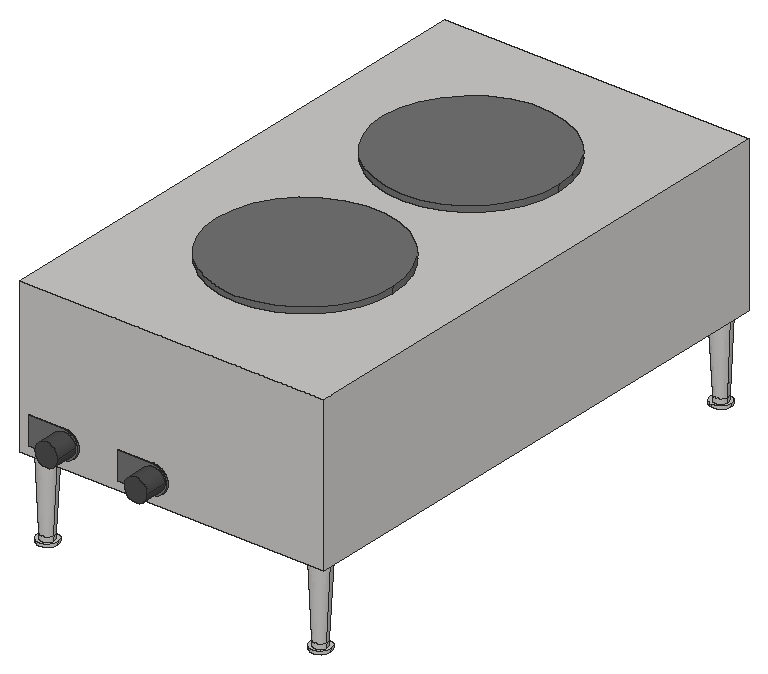
Revit family "QF_Vollrath_40739", category Specialty Equipment, Revit 2016
Family settings
  Part Type = Normal
  Round Connector Dimension = Use Diameter
  OmniClass Number = 23.40.40.11.21
  OmniClass Title = Hot Cabinets
  Work Plane-Based = No
  Always vertical = Yes
  Cut with Voids When Loaded = No
  Shared = No
  Room Calculation Point = No
Parameters (values of type "--")
  Weight in Pounds = 35.9
  Watts = 1450 W
  Watermarked By = "http://revitwatermark.com"
  Volts = 120 V
  URL Cutsheet = ""
  URL = "www.vollrathco.com"
  Status [instance] = ""
  Specification by User [instance] = ""
  Specification by Manufacturer = ""
  Serial Number [instance] = ""
  Seismic Rating [instance] = ""
  SMACNA No [instance] = ""
  Revision Code [instance] = ""
  Phase = 1
  Number of Poles [instance] = 1
  NAFEM Spec ID Number [instance] = ""
  Model = "40739"
  Masterspec = ""
  Manufacturer = "Vollrath"
  Item Number [instance] = ""
  Installed By [instance] = ""
  Height AFF [instance] = 12.31"
  Furnished By [instance] = ""
  Foodservice Equipment Identifier [instance] = yes
  FL Amps = 12 A
  Electrical Remarks [instance] = ""
  Electric Connection Type [instance] = ""
  Elec Conn RI Height [instance] = 0.00"
  Elec Conn Connection Height = 2.00"
  Description = "Electric Hot Plate"
  Cycle = 60 Hz
  Conn Plug = "NEMA 5-20P"
  CSI MasterFormat = "11 42 13"
  Assembly Code = "E1090320"
  Apparent Power = if(Phase = 3, Volts * FL Amps * 1.73, Volts * FL Amps)  # 1440 VA
Reference planes (in)
  plane 1: z = 0
  plane 2 "LEFT": x = 48
  plane 3 "BACK": y = -48
  plane 4 "BOTTOM": z = 12.31
  plane 5 "RIGHT": x = 63
  plane 6 "FRONT": y = -74.25
  plane 7: z = 26.5796
  plane 8 "TOP": z = 25.31
  plane 9: x = 56.69695
  plane 10: x = 48.75
  plane 11: y = -48.75
  plane 12: x = 62.25
  plane 13: y = -73.5
  plane 14: z = 12.435
  plane 15: z = 12.685
  plane 16: z = 16.31
  plane 17: z = 24.185
  plane 18: y = -55.47876
  plane 19: y = -63.72489
  plane 20: x = 55.5
  plane 21: z = 23.61688
  plane 22: z = 23.91529
Forms (in)
  Extrusion 1, solid, material "QF_Finishes_Stainless Steel", not visible
    sketch origin (0, -75.61667, 13.94238) x (-1, 0, 0) y (0, 0.422618, 0.906308)
      loop
        line (-61.50401, 16.83949) -> (-49.55058, 16.83949) -> (-49.55058, 21.54291) -> (-61.50401, 21.54291) -> (-61.50401, 16.83949)
      loop
        circle (-51.11798, 19.07879) r 1.25
      loop
        circle (-51.11798, 19.07879) r 1
      loop
        line (-54.03077, 21.06689) -> (-57.03077, 21.06689) -> (-57.03077, 20.31689) -> (-54.03077, 20.31689) -> (-54.03077, 21.06689)
      loop
        circle (-54.03077, 17.5068) r 0.25
      loop
        circle (-56.78077, 17.5068) r 0.25
    from 0 to 0.68909
  Extrusion 2, solid, material "QF_Finishes_Black", not visible
    sketch origin (0, -75.54289, 2.05167) x (-1, 0, 0) y (0, 0.422618, 0.906308)
      loop
        circle (-51.11798, 29.82425) r 1.25
      loop
        circle (-51.11798, 29.82425) r 1
    from -5.0921 to -4.40301
  Extrusion 3, solid, material "QF_Finishes_Black", not visible
    sketch origin (0, -75.78725, 14.03463) x (-1, 0, 0) y (0, 0.406737, 0.913545)
      loop
        line (-57.03077, 21.03676) -> (-57.03077, 20.35703) -> (-54.03077, 20.35703) -> (-54.03077, 21.03676) -> (-57.03077, 21.03676)
      loop
        circle (-54.03077, 17.5068) r 0.25
      loop
        circle (-56.78077, 17.5068) r 0.25
    from 0.54411 to 1.25
  Extrusion 4, solid, material "QF_Finishes_Dark Grey", not visible
    sketch origin (0, -70.09177, 5.66795) x (-1, 0, 0) y (0, 0.422618, 0.906308)
      loop
        circle (-52.11896, 26.29929) r 0.25
      loop
        circle (-53.36896, 26.29929) r 0.25
      loop
        circle (-54.61896, 26.29929) r 0.25
      loop
        circle (-55.86896, 26.29929) r 0.25
      loop
        circle (-57.11896, 26.29929) r 0.25
      loop
        circle (-58.36896, 26.29929) r 0.25
    from 7.45399 to 7.92109
  Extrusion 5, solid, material "QF_Finishes_Stainless Steel", not visible
    sketch origin (0, -61.5, 0) x (-1, 0, 0) y (0, 0, 1)
      loop
        circle (-49.14244, 32.63817) r 0.1236
    from 0 to 12
  Extrusion 6, solid, material "QF_Finishes_Stainless Steel", not visible
    sketch origin (24.25, -61.5, 0) x (-1, 0, 0) y (0, 0, 1)
      loop
        circle (-49.14244, 32.63817) r 0.1236
    from 0 to 12
  Extrusion 7, solid, material "QF_Finishes_Stainless Steel", not visible
    sketch origin (0.75781, -61.5, 0) x (-1, 0, 0) y (0, 0, 1)
      loop
        circle (-49.14244, 32.63817) r 0.1236
    from 0 to 12
  Extrusion 8, solid, material "QF_Finishes_Stainless Steel", not visible
    sketch origin (1.51562, -61.5, 0) x (-1, 0, 0) y (0, 0, 1)
      loop
        circle (-49.14244, 32.63817) r 0.1236
    from 0 to 12
  Extrusion 9, solid, material "QF_Finishes_Stainless Steel", not visible
    sketch origin (2.27344, -61.5, 0) x (-1, 0, 0) y (0, 0, 1)
      loop
        circle (-49.14244, 32.63817) r 0.1236
    from 0 to 12
  Extrusion 10, solid, material "QF_Finishes_Stainless Steel", not visible
    sketch origin (3.03125, -61.5, 0) x (-1, 0, 0) y (0, 0, 1)
      loop
        circle (-49.14244, 32.63817) r 0.1236
    from 0 to 12
  Extrusion 11, solid, material "QF_Finishes_Stainless Steel", not visible
    sketch origin (3.78906, -61.5, 0) x (-1, 0, 0) y (0, 0, 1)
      loop
        circle (-49.14244, 32.63817) r 0.1236
    from 0 to 12
  Extrusion 12, solid, material "QF_Finishes_Stainless Steel", not visible
    sketch origin (4.54687, -61.5, 0) x (-1, 0, 0) y (0, 0, 1)
      loop
        circle (-49.14244, 32.63817) r 0.1236
    from 0 to 12
  Extrusion 13, solid, material "QF_Finishes_Stainless Steel", not visible
    sketch origin (5.30469, -61.5, 0) x (-1, 0, 0) y (0, 0, 1)
      loop
        circle (-49.14244, 32.63817) r 0.1236
    from 0 to 12
  Extrusion 14, solid, material "QF_Finishes_Stainless Steel", not visible
    sketch origin (6.0625, -61.5, 0) x (-1, 0, 0) y (0, 0, 1)
      loop
        circle (-49.14244, 32.63817) r 0.1236
    from 0 to 12
  Extrusion 15, solid, material "QF_Finishes_Stainless Steel", not visible
    sketch origin (6.82031, -61.5, 0) x (-1, 0, 0) y (0, 0, 1)
      loop
        circle (-49.14244, 32.63817) r 0.1236
    from 0 to 12
  Extrusion 16, solid, material "QF_Finishes_Stainless Steel", not visible
    sketch origin (7.57812, -61.5, 0) x (-1, 0, 0) y (0, 0, 1)
      loop
        circle (-49.14244, 32.63817) r 0.1236
    from 0 to 12
  Extrusion 17, solid, material "QF_Finishes_Stainless Steel", not visible
    sketch origin (8.33594, -61.5, 0) x (-1, 0, 0) y (0, 0, 1)
      loop
        circle (-49.14244, 32.63817) r 0.1236
    from 0 to 12
  Extrusion 18, solid, material "QF_Finishes_Stainless Steel", not visible
    sketch origin (9.09375, -61.5, 0) x (-1, 0, 0) y (0, 0, 1)
      loop
        circle (-49.14244, 32.63817) r 0.1236
    from 0 to 12
  Extrusion 19, solid, material "QF_Finishes_Stainless Steel", not visible
    sketch origin (9.85156, -61.5, 0) x (-1, 0, 0) y (0, 0, 1)
      loop
        circle (-49.14244, 32.63817) r 0.1236
    from 0 to 12
  Extrusion 20, solid, material "QF_Finishes_Stainless Steel", not visible
    sketch origin (10.60937, -61.5, 0) x (-1, 0, 0) y (0, 0, 1)
      loop
        circle (-49.14244, 32.63817) r 0.1236
    from 0 to 12
  Extrusion 21, solid, material "QF_Finishes_Stainless Steel", not visible
    sketch origin (11.36719, -61.5, 0) x (-1, 0, 0) y (0, 0, 1)
      loop
        circle (-49.14244, 32.63817) r 0.1236
    from 0 to 12
  Extrusion 22, solid, material "QF_Finishes_Stainless Steel", not visible
    sketch origin (12.125, -61.5, 0) x (-1, 0, 0) y (0, 0, 1)
      loop
        circle (-49.14244, 32.63817) r 0.1236
    from 0 to 12
  Extrusion 23, solid, material "QF_Finishes_Stainless Steel", not visible
    sketch origin (12.88281, -61.5, 0) x (-1, 0, 0) y (0, 0, 1)
      loop
        circle (-49.14244, 32.63817) r 0.1236
    from 0 to 12
  Extrusion 24, solid, material "QF_Finishes_Stainless Steel", not visible
    sketch origin (13.64062, -61.5, 0) x (-1, 0, 0) y (0, 0, 1)
      loop
        circle (-49.14244, 32.63817) r 0.1236
    from 0 to 12
  Extrusion 25, solid, material "QF_Finishes_Stainless Steel", not visible
    sketch origin (14.39844, -61.5, 0) x (-1, 0, 0) y (0, 0, 1)
      loop
        circle (-49.14244, 32.63817) r 0.1236
    from 0 to 12
  Extrusion 26, solid, material "QF_Finishes_Stainless Steel", not visible
    sketch origin (15.15625, -61.5, 0) x (-1, 0, 0) y (0, 0, 1)
      loop
        circle (-49.14244, 32.63817) r 0.1236
    from 0 to 12
  Extrusion 27, solid, material "QF_Finishes_Stainless Steel", not visible
    sketch origin (15.91406, -61.5, 0) x (-1, 0, 0) y (0, 0, 1)
      loop
        circle (-49.14244, 32.63817) r 0.1236
    from 0 to 12
  Extrusion 28, solid, material "QF_Finishes_Stainless Steel", not visible
    sketch origin (16.67187, -61.5, 0) x (-1, 0, 0) y (0, 0, 1)
      loop
        circle (-49.14244, 32.63817) r 0.1236
    from 0 to 12
  Extrusion 29, solid, material "QF_Finishes_Stainless Steel", not visible
    sketch origin (17.42969, -61.5, 0) x (-1, 0, 0) y (0, 0, 1)
      loop
        circle (-49.14244, 32.63817) r 0.1236
    from 0 to 12
  Extrusion 30, solid, material "QF_Finishes_Stainless Steel", not visible
    sketch origin (18.1875, -61.5, 0) x (-1, 0, 0) y (0, 0, 1)
      loop
        circle (-49.14244, 32.63817) r 0.1236
    from 0 to 12
  Extrusion 31, solid, material "QF_Finishes_Stainless Steel", not visible
    sketch origin (18.94531, -61.5, 0) x (-1, 0, 0) y (0, 0, 1)
      loop
        circle (-49.14244, 32.63817) r 0.1236
    from 0 to 12
  Extrusion 32, solid, material "QF_Finishes_Stainless Steel", not visible
    sketch origin (19.70312, -61.5, 0) x (-1, 0, 0) y (0, 0, 1)
      loop
        circle (-49.14244, 32.63817) r 0.1236
    from 0 to 12
  Extrusion 33, solid, material "QF_Finishes_Stainless Steel", not visible
    sketch origin (20.46094, -61.5, 0) x (-1, 0, 0) y (0, 0, 1)
      loop
        circle (-49.14244, 32.63817) r 0.1236
    from 0 to 12
  Extrusion 34, solid, material "QF_Finishes_Stainless Steel", not visible
    sketch origin (21.21875, -61.5, 0) x (-1, 0, 0) y (0, 0, 1)
      loop
        circle (-49.14244, 32.63817) r 0.1236
    from 0 to 12
  Extrusion 35, solid, material "QF_Finishes_Stainless Steel", not visible
    sketch origin (21.97656, -61.5, 0) x (-1, 0, 0) y (0, 0, 1)
      loop
        circle (-49.14244, 32.63817) r 0.1236
    from 0 to 12
  Extrusion 36, solid, material "QF_Finishes_Stainless Steel", not visible
    sketch origin (22.73437, -61.5, 0) x (-1, 0, 0) y (0, 0, 1)
      loop
        circle (-49.14244, 32.63817) r 0.1236
    from 0 to 12
  Extrusion 37, solid, material "QF_Finishes_Stainless Steel", not visible
    sketch origin (23.49219, -61.5, 0) x (-1, 0, 0) y (0, 0, 1)
      loop
        circle (-49.14244, 32.63817) r 0.1236
    from 0 to 12
  Extrusion 38, solid, material "QF_Finishes_Stainless Steel", not visible
    sketch origin (0, -63.31853, -5.50809) x (1, 0, 0) y (0, 0.5, 0.866025)
      loop
        line (47.2877, 27.93) -> (47.2877, 25.68) -> (63.33689, 25.68) -> (63.33689, 27.93) -> (47.2877, 27.93)
      loop
        line (47.47803, 27.77623) -> (47.47803, 25.78901) -> (63.1877, 25.78901) -> (63.1877, 27.77623) -> (47.47803, 27.77623)
    from 18.14569 to 18.5
  Extrusion 39, solid, material "QF_Finishes_Stainless Steel", not visible
    sketch origin (0, -63.31853, -5.50809) x (1, 0, 0) y (0, 0.5, 0.866025)
      loop
        line (47.2877, 27.77623) -> (47.2877, 25.78901) -> (63.1877, 25.78901) -> (63.1877, 27.77623) -> (47.2877, 27.77623)
      loop
        line (47.47803, 27.66901) -> (47.47803, 25.91901) -> (63.08313, 25.91901) -> (63.08313, 27.66901) -> (47.47803, 27.66901)
    from 18.14569 to 18.5
  Extrusion 40, solid, material "QF_Finishes_Stainless Steel", not visible
    sketch origin (3, -63.31853, -5.50809) x (1, 0, 0) y (0, 0.5, 0.866025)
      loop
        line (55.07331, 27.05441) -> (55.07331, 26.55441) -> (56.82331, 26.55441) -> (56.82331, 27.05441) -> (55.07331, 27.05441)
      loop
        circle (53.94695, 26.80981) r 0.25
      loop
        circle (57.87771, 26.79276) r 0.25
      loop
        circle (59.12771, 26.79276) r 0.25
    from 18.14569 to 18.5
  Extrusion 41, solid, material "QF_Finishes_Stainless Steel", not visible
    sketch origin (0, -63.31853, -5.50809) x (1, 0, 0) y (0, 0.5, 0.866025)
      loop
        circle (56.94695, 26.80981) r 0.25
      loop
        circle (60.87771, 26.79276) r 0.25
      loop
        line (58.07331, 27.05441) -> (58.07331, 26.55441) -> (59.82331, 26.55441) -> (59.82331, 27.05441) -> (58.07331, 27.05441)
      loop
        circle (62.12771, 26.79276) r 0.25
    from 18.14569 to 18.5
  Extrusion 42, solid, material "QF_Finishes_Dark Grey", not visible
    sketch origin (0, -63.81619, -5.29253) x (1, 0, 0) y (0, 0.5, 0.866025)
      loop
        line (47.47803, 25.98116) -> (63.08313, 25.98116) -> (63.08313, 27.73116) -> (47.47803, 27.73116) -> (47.47803, 25.98116)
      loop
        circle (62.11833, 26.8549) r 0.25
      loop
        circle (60.86833, 26.8549) r 0.25
      loop
        line (59.81393, 26.61655) -> (59.81393, 27.11655) -> (58.06393, 27.11655) -> (58.06393, 26.61655) -> (59.81393, 26.61655)
      loop
        circle (56.93757, 26.87196) r 0.25
    from 17.96123 to 17.60693
  Extrusion 43, solid, material "QF_Finishes_Stainless Steel", not visible
    sketch origin (-4.5, -63.31853, -5.50809) x (1, 0, 0) y (0, 0.5, 0.866025)
      loop
        line (55.07331, 27.05441) -> (55.07331, 26.55441) -> (56.82331, 26.55441) -> (56.82331, 27.05441) -> (55.07331, 27.05441)
      loop
        circle (53.94695, 26.80981) r 0.25
      loop
        circle (57.87771, 26.79276) r 0.25
      loop
        circle (59.12771, 26.79276) r 0.25
    from 18.14569 to 18.5
  Extrusion 44, solid, material "QF_Finishes_Stainless Steel", not visible
    sketch origin (-7.5, -63.31853, -5.50809) x (1, 0, 0) y (0, 0.5, 0.866025)
      loop
        circle (56.94695, 26.80981) r 0.25
      loop
        circle (60.87771, 26.79276) r 0.25
      loop
        line (58.07331, 27.05441) -> (58.07331, 26.55441) -> (59.82331, 26.55441) -> (59.82331, 27.05441) -> (58.07331, 27.05441)
      loop
        circle (62.12771, 26.79276) r 0.25
    from 18.14569 to 18.76495
  Extrusion 45, solid, material "QF_Finishes_Stainless Steel"
    sketch origin (0, 0, 0) x (1, 0, 0) y (0, 1, 0)
      loop
        circle (48.75, -48.75) r 0.5
    from 12.31 to 12.435
  Extrusion 46, solid, material "QF_Finishes_Stainless Steel"
    sketch origin (13.5, 0, 0) x (1, 0, 0) y (0, 1, 0)
      loop
        circle (48.75, -48.75) r 0.5
    from 12.31 to 12.435
  Extrusion 47, solid, material "QF_Finishes_Stainless Steel"
    sketch origin (13.5, -24.75, 0) x (1, 0, 0) y (0, 1, 0)
      loop
        circle (48.75, -48.75) r 0.5
    from 12.31 to 12.435
  Extrusion 48, solid, material "QF_Finishes_Stainless Steel"
    sketch origin (0, -24.75, 0) x (1, 0, 0) y (0, 1, 0)
      loop
        circle (48.75, -48.75) r 0.5
    from 12.31 to 12.435
  Extrusion 49, solid, material "QF_Finishes_Stainless Steel"
    sketch origin (0, 0, 0) x (1, 0, 0) y (0, 1, 0)
      loop
        circle (48.75, -48.75) r 0.32978
    from 12.435 to 12.685
  Extrusion 50, solid, material "QF_Finishes_Stainless Steel"
    sketch origin (13.5, 0, 0) x (1, 0, 0) y (0, 1, 0)
      loop
        circle (48.75, -48.75) r 0.32978
    from 12.435 to 12.685
  Extrusion 51, solid, material "QF_Finishes_Stainless Steel"
    sketch origin (13.5, -24.75, 0) x (1, 0, 0) y (0, 1, 0)
      loop
        circle (48.75, -48.75) r 0.32978
    from 12.435 to 12.685
  Extrusion 52, solid, material "QF_Finishes_Stainless Steel"
    sketch origin (0, -24.75, 0) x (1, 0, 0) y (0, 1, 0)
      loop
        circle (48.75, -48.75) r 0.32978
    from 12.435 to 12.685
  Blend 53, solid, material "QF_Finishes_Stainless Steel"
    base sketch origin (0, 0, 0) x (1, 0, 0) y (0, 1, 0)
      loop
        circle (48.75, -48.75) r 0.32978
    top sketch origin (0, 0, 0) x (1, 0, 0) y (0, 1, 0)
      loop
        circle (48.75, -48.75) r 0.5
    from 12.685 to 16.31
  Blend 54, solid, material "QF_Finishes_Stainless Steel"
    base sketch origin (13.5, 0, 0) x (1, 0, 0) y (0, 1, 0)
      loop
        circle (48.75, -48.75) r 0.32978
    top sketch origin (13.5, 0, 0) x (1, 0, 0) y (0, 1, 0)
      loop
        circle (48.75, -48.75) r 0.5
    from 12.685 to 16.31
  Blend 55, solid, material "QF_Finishes_Stainless Steel"
    base sketch origin (13.5, -24.75, 0) x (1, 0, 0) y (0, 1, 0)
      loop
        circle (48.75, -48.75) r 0.32978
    top sketch origin (13.5, -24.75, 0) x (1, 0, 0) y (0, 1, 0)
      loop
        circle (48.75, -48.75) r 0.5
    from 12.685 to 16.31
  Blend 56, solid, material "QF_Finishes_Stainless Steel"
    base sketch origin (0, -24.75, 0) x (1, 0, 0) y (0, 1, 0)
      loop
        circle (48.75, -48.75) r 0.32978
    top sketch origin (0, -24.75, 0) x (1, 0, 0) y (0, 1, 0)
      loop
        circle (48.75, -48.75) r 0.5
    from 12.685 to 16.31
  Extrusion 57, solid, material "QF_Finishes_Stainless Steel"
    sketch origin (0, 0, 0) x (1, 0, 0) y (0, 1, 0)
      loop
        line (48, -48) -> (48, -74.25) -> (63, -74.25) -> (63, -48) -> (48, -48)
      loop
        circle (55.5, -55.76974) r 4.345
      loop
        circle (55.5, -66.01974) r 4.345
    from 23.91529 to 23.61688
  Extrusion 58, solid, material "QF_Finishes_Stainless Steel"
    sketch origin (0, 0, 0) x (1, 0, 0) y (0, 1, 0)
      loop
        line (48, -48) -> (48, -74.25) -> (63, -74.25) -> (63, -48) -> (48, -48)
    from 16.31 to 23.61688
  Extrusion 59, solid, material "QF_Finishes_Dark Grey"
    sketch origin (0, 0, 0) x (1, 0, 0) y (0, 1, 0)
      loop
        circle (55.5, -55.76974) r 4.345
      loop
        circle (55.5, -66.01974) r 4.345
    from 23.61688 to 24.185
  Extrusion 60, solid, material "QF_Finishes_Grey"
    sketch origin (0, -74.25, 0) x (-1, 0, 0) y (0, 0, 1)
      loop
        line (-48.45243, 16.77294) -> (-48.45243, 18.13988) -> (-50.20243, 18.13988)
        arc (-50.20243, 18.13988) -> (-50.8859, 17.45641) -> (-50.20243, 16.77294) r 0.68347
        line (-50.20243, 16.77294) -> (-48.45243, 16.77294)
      loop
        circle (-50.20243, 17.45641) r 0.56377
    from 0 to -0.06
  Extrusion 61, solid, material "QF_Finishes_Grey"
    sketch origin (4.41463, -74.25, 0) x (-1, 0, 0) y (0, 0, 1)
      loop
        line (-48.45243, 16.77294) -> (-48.45243, 18.13988) -> (-50.20243, 18.13988)
        arc (-50.20243, 18.13988) -> (-50.8859, 17.45641) -> (-50.20243, 16.77294) r 0.68347
        line (-50.20243, 16.77294) -> (-48.45243, 16.77294)
      loop
        circle (-50.20243, 17.45641) r 0.56377
    from 0 to -0.06
  Extrusion 62, solid, material "QF_Finishes_Black"
    sketch origin (0, -74.25, 0) x (-1, 0, 0) y (0, 0, 1)
      loop
        circle (-50.20243, 17.45641) r 0.56377
      loop
        circle (-54.61706, 17.45641) r 0.56377
    from -0.06 to -1.13
Cuts and joins
  joined: Extrusion 57, Extrusion 58
Lines and regions (in)
  symbolic lines
    curve 1: line (63, -48, 0) -> (48, -48, 0)
    curve 2: line (63, -74.25, 0) -> (63, -48, 0)
    curve 3: line (48, -48, 0) -> (48, -74.25, 0)
    curve 4: line (48, -74.25, 0) -> (63, -74.25, 0)
    curve 5: arc (51.155, -66.01974, 0) -> (55.5, -70.36474, 0) -> (59.845, -66.01974, 0) r 4.345
    curve 6: arc (59.845, -66.01974, 0) -> (55.5, -61.67474, 0) -> (51.155, -66.01974, 0) r 4.345
    curve 7: arc (51.155, -55.76974, 0) -> (55.5, -60.11474, 0) -> (59.845, -55.76974, 0) r 4.345
    curve 8: arc (59.845, -55.76974, 0) -> (55.5, -51.42474, 0) -> (51.155, -55.76974, 0) r 4.345
Dimensions and locks (in)
  "Height AFF": plane 4 "BOTTOM" to level
  plane 6 "FRONT" to plane 3 "BACK" = 26.25"
  plane 2 "LEFT" to plane 5 "RIGHT" = 15.00"
  locked: plane 14 to plane 4 "BOTTOM" at 0.125
  locked: plane 15 to plane 14 at 0.25
  locked: plane 16 to plane 15 at 3.625
  equal spacing: plane 2 "LEFT", plane 20, plane 5 "RIGHT"
  locked: plane 17 to plane 22 at 0.26971
  locked: plane 22 to plane 21 at 0.29841
  locked: plane 8 "TOP" to plane 17 at 1.125
  locked: plane 21 to plane 16 at 7.30688
  aligned and locked: level to plane 1
  aligned and locked: Extrusion 2 sketch curve to Extrusion 1  (x4)
  aligned and locked: Extrusion 39 sketch curve to Extrusion 38
  aligned and locked: Extrusion 38 to Extrusion 39 sketch curve
  aligned and locked: Extrusion 41 sketch curve to Extrusion 40  (x2)
  aligned and locked: Extrusion 39 to Extrusion 42 sketch curve
  aligned and locked: Extrusion 42 sketch curve to Extrusion 39
  aligned and locked: Extrusion 41 to Extrusion 42 sketch curve
  aligned and locked: Extrusion 42 sketch curve to Extrusion 41
  aligned and locked: Extrusion 44 sketch curve to Extrusion 43  (x2)
  aligned and locked: Extrusion 45 to plane 4 "BOTTOM"
  aligned and locked: plane 14 to Extrusion 45
  aligned and locked: plane 14 to Extrusion 47
  aligned and locked: plane 14 to Extrusion 46
  aligned and locked: Extrusion 46 to plane 4 "BOTTOM"
  aligned and locked: Extrusion 47 to plane 4 "BOTTOM"
  aligned and locked: Extrusion 46 to Extrusion 47
  aligned and locked: Extrusion 51 to plane 14
  aligned and locked: plane 15 to Extrusion 52
  aligned and locked: Extrusion 52 to plane 14
  aligned and locked: plane 15 to Extrusion 49
  aligned and locked: Extrusion 49 to plane 14
  aligned and locked: plane 15 to Blend 56
  aligned and locked: plane 16 to Blend 56
  aligned and locked: plane 15 to Blend 53
  aligned and locked: plane 16 to Blend 53
  aligned and locked: plane 15 to Extrusion 50
  aligned and locked: plane 15 to Blend 55
  aligned and locked: Extrusion 50 to plane 14
  aligned and locked: Blend 54 to plane 15
  aligned and locked: plane 16 to Blend 55
  aligned and locked: plane 16 to Blend 54
  aligned and locked: Extrusion 47 to Extrusion 51
  aligned and locked: plane 15 to Extrusion 51
  aligned and locked: plane 14 to Extrusion 48
  aligned and locked: Extrusion 48 to plane 4 "BOTTOM"
  aligned and locked: plane 3 "BACK" to Extrusion 57 sketch curve
  aligned and locked: plane 2 "LEFT" to Extrusion 57 sketch curve
  aligned and locked: plane 6 "FRONT" to Extrusion 57 sketch curve
  aligned and locked: Extrusion 57 sketch curve to plane 5 "RIGHT"
  aligned and locked: Extrusion 58 sketch curve to Extrusion 57  (x4)
  aligned and locked: plane 21 to Extrusion 58
  aligned and locked: Extrusion 57 to plane 21
  aligned and locked: plane 22 to Extrusion 57
  aligned and locked: Extrusion 57 to plane 22
  aligned and locked: Extrusion 59 sketch curve to Extrusion 57  (x4)
  aligned and locked: Extrusion 57 to Extrusion 59
  aligned and locked: plane 17 to Extrusion 59
  aligned and locked: Extrusion 58 to plane 16
  aligned and locked: Extrusion 58 to Extrusion 57
  aligned and locked: Extrusion 62 sketch curve to Extrusion 60  (x2)
  aligned and locked: Extrusion 62 sketch curve to Extrusion 61  (x2)
  aligned and locked: Extrusion 62 to Extrusion 61
Automatic sketch dimensions
  Extrusion 1 sketch curve to Extrusion 1 sketch curve = 0.00"  (x5)
  Extrusion 1 sketch curve to Extrusion 1 sketch curve = 4.47324"
  Extrusion 1 sketch curve to Extrusion 1 sketch curve = 0.25"
  Extrusion 1 sketch curve to Extrusion 1 sketch curve = 3.00"
  Extrusion 1 sketch curve to Extrusion 1 sketch curve = 2.75"
  Extrusion 1 sketch curve to Extrusion 1 sketch curve = 1.56739"
  Extrusion 1 sketch curve to Extrusion 1 sketch curve = 0.66732"
  Extrusion 1 sketch curve to Extrusion 1 sketch curve = 2.2393"
  Extrusion 1 sketch curve to Extrusion 1 sketch curve = 2.81008"
  Extrusion 1 sketch curve to Extrusion 1 sketch curve = 0.75"
  Extrusion 3 sketch curve to Extrusion 3 sketch curve = 3.00"
  Extrusion 1 sketch curve to Extrusion 1 sketch curve = 2.46412"
  Extrusion 3 sketch curve to Extrusion 3 sketch curve = 0.00"  (x6)
  Extrusion 3 sketch curve to Extrusion 3 sketch curve = 0.25"  (x2)
  Extrusion 3 sketch curve to Extrusion 3 sketch curve = 2.25"
  Extrusion 3 sketch curve to Extrusion 3 sketch curve = 2.85023"
  Extrusion 3 sketch curve to Extrusion 3 sketch curve = 0.67973"
  Extrusion 1 sketch curve to Extrusion 1 sketch curve = 2.9128"
  Extrusion 4 sketch curve to Extrusion 4 sketch curve = 1.25"  (x5)
  Extrusion 4 sketch curve to Extrusion 4 sketch curve = 0.00"  (x5)
  Extrusion 38 sketch curve to Extrusion 38 sketch curve = 0.19033"
  Extrusion 38 sketch curve to Extrusion 38 sketch curve = 0.14919"
  Extrusion 38 sketch curve to Extrusion 38 sketch curve = 0.10901"
  Extrusion 38 sketch curve to Extrusion 38 sketch curve = 1.98721"
  Extrusion 38 sketch curve to Extrusion 38 sketch curve = 0.15377"
  Extrusion 39 sketch curve to Extrusion 39 sketch curve = 0.19033"
  Extrusion 39 sketch curve to Extrusion 39 sketch curve = 0.10457"
  Extrusion 39 sketch curve to Extrusion 39 sketch curve = 0.13"
  Extrusion 39 sketch curve to Extrusion 39 sketch curve = 0.10721"
  Extrusion 40 sketch curve to Extrusion 40 sketch curve = 1.0544"
  Extrusion 40 sketch curve to Extrusion 40 sketch curve = 1.25"
  Extrusion 40 sketch curve to Extrusion 40 sketch curve = 0.23835"
  Extrusion 40 sketch curve to Extrusion 40 sketch curve = 0.00"
  Extrusion 40 sketch curve to Extrusion 40 sketch curve = 0.25541"
  Extrusion 40 sketch curve to Extrusion 40 sketch curve = 0.50"
  Extrusion 41 sketch curve to Extrusion 41 sketch curve = 0.25"  (x3)
  Extrusion 41 sketch curve to Extrusion 41 sketch curve = 0.8044"
  Extrusion 41 sketch curve to Extrusion 41 sketch curve = 0.75"
  Extrusion 41 sketch curve to Extrusion 41 sketch curve = 0.23835"
  Extrusion 41 sketch curve to Extrusion 41 sketch curve = 0.00"  (x4)
  Extrusion 41 sketch curve to Extrusion 41 sketch curve = 0.24459"
  plane 9 to Extrusion 42 sketch curve = 0.00939"
  Extrusion 42 sketch curve to plane 9 = 0.24061"
  Extrusion 42 sketch curve to Extrusion 42 sketch curve = 0.8044"
  Extrusion 42 sketch curve to Extrusion 42 sketch curve = 0.25"  (x2)
  Extrusion 42 sketch curve to Extrusion 42 sketch curve = 0.75"
  Extrusion 42 sketch curve to Extrusion 42 sketch curve = 0.7148"
  Extrusion 42 sketch curve to Extrusion 42 sketch curve = 0.23835"
  Extrusion 42 sketch curve to Extrusion 42 sketch curve = 0.00"  (x3)
  Extrusion 42 sketch curve to Extrusion 42 sketch curve = 0.24459"
  Extrusion 39 sketch curve to Extrusion 39 sketch curve = 15.6051"
  Extrusion 39 sketch curve to Extrusion 39 sketch curve = 1.75"
  Extrusion 40 sketch curve to Extrusion 40 sketch curve = 1.12636"
  Extrusion 40 sketch curve to Extrusion 40 sketch curve = 1.75"
  Extrusion 41 sketch curve to Extrusion 41 sketch curve = 0.87636"
  Extrusion 41 sketch curve to Extrusion 41 sketch curve = 1.75"
  plane 9 to Extrusion 42 sketch curve = 9.21892"
  Extrusion 42 sketch curve to Extrusion 42 sketch curve = 0.87636"
  Extrusion 42 sketch curve to Extrusion 42 sketch curve = 1.75"
  Extrusion 43 sketch curve to Extrusion 43 sketch curve = 1.12636"
  Extrusion 43 sketch curve to Extrusion 43 sketch curve = 1.75"
  Extrusion 44 sketch curve to Extrusion 44 sketch curve = 0.87636"
  Extrusion 44 sketch curve to Extrusion 44 sketch curve = 1.75"
  Extrusion 38 sketch curve to Extrusion 38 sketch curve = 15.70967"
  Extrusion 43 sketch curve to Extrusion 43 sketch curve = 1.0544"
  Extrusion 43 sketch curve to Extrusion 43 sketch curve = 1.25"
  Extrusion 43 sketch curve to Extrusion 43 sketch curve = 0.23835"
  Extrusion 43 sketch curve to Extrusion 43 sketch curve = 0.00"
  Extrusion 43 sketch curve to Extrusion 43 sketch curve = 0.25541"
  Extrusion 43 sketch curve to Extrusion 43 sketch curve = 0.50"
  Extrusion 44 sketch curve to Extrusion 44 sketch curve = 0.00"  (x7)
  Extrusion 44 sketch curve to Extrusion 44 sketch curve = 0.25"  (x3)
  Extrusion 44 sketch curve to Extrusion 44 sketch curve = 0.8044"
  Extrusion 44 sketch curve to Extrusion 44 sketch curve = 0.75"
  Extrusion 44 sketch curve to Extrusion 44 sketch curve = 0.23835"
  Extrusion 44 sketch curve to Extrusion 44 sketch curve = 0.24459"
  Extrusion 45 sketch curve to plane 10 = 0.00"
  plane 11 to Extrusion 45 sketch curve = 0.00"
  plane 11 to Extrusion 46 sketch curve = 0.00"
  Extrusion 46 sketch curve to plane 12 = 0.00"
  Extrusion 47 sketch curve to plane 12 = 0.00"
  Extrusion 47 sketch curve to plane 13 = 0.00"
  Extrusion 48 sketch curve to plane 10 = 0.00"
  Extrusion 48 sketch curve to plane 13 = 0.00"
  Extrusion 49 sketch curve to plane 10 = 0.00"
  plane 11 to Extrusion 49 sketch curve = 0.00"
  plane 11 to Extrusion 50 sketch curve = 0.00"
  Extrusion 50 sketch curve to plane 12 = 0.00"
  Extrusion 51 sketch curve to plane 12 = 0.00"
  Extrusion 51 sketch curve to plane 13 = 0.00"
  Extrusion 52 sketch curve to plane 10 = 0.00"
  Extrusion 52 sketch curve to plane 13 = 0.00"
  Blend 53 sketch curve to Blend 53 sketch curve = 0.00"  (x4)
  plane 11 to Blend 53 sketch curve = 0.00"  (x2)
  Blend 53 sketch curve to plane 10 = 0.00"  (x2)
  Blend 53 sketch curve to Blend 53 sketch curve = 0.32978"
  plane 2 "LEFT" to Blend 53 sketch curve = 0.25"
  Blend 54 sketch curve to Blend 54 sketch curve = 0.00"  (x4)
  plane 11 to Blend 54 sketch curve = 0.00"  (x2)
  Blend 54 sketch curve to plane 12 = 0.00"  (x2)
  Blend 54 sketch curve to plane 12 = 0.32978"
  Blend 54 sketch curve to plane 12 = 0.50"
  Blend 55 sketch curve to Blend 55 sketch curve = 0.00"  (x4)
  Blend 55 sketch curve to plane 13 = 0.00"  (x2)
  Blend 55 sketch curve to plane 12 = 0.00"  (x2)
  Blend 55 sketch curve to plane 12 = 0.32978"
  Blend 55 sketch curve to plane 12 = 0.50"
  Blend 56 sketch curve to Blend 56 sketch curve = 0.00"  (x4)
  Blend 56 sketch curve to plane 13 = 0.00"  (x2)
  Blend 56 sketch curve to plane 10 = 0.00"  (x2)
  Blend 56 sketch curve to Blend 56 sketch curve = 0.32978"
  plane 2 "LEFT" to Blend 56 sketch curve = 0.25"
  Extrusion 57 sketch curve to plane 20 = 0.00"  (x2)
  Extrusion 57 sketch curve to plane 19 = 2.29486"
  Extrusion 57 sketch curve to plane 18 = 0.29098"
  Extrusion 60 sketch curve to Extrusion 60 sketch curve = 0.00"  (x2)
  plane 16 to Extrusion 60 sketch curve = 0.46294"
  plane 10 to Extrusion 60 sketch curve = 1.45243"
  Extrusion 60 sketch curve to plane 10 = 0.29757"
  Extrusion 60 sketch curve to Extrusion 60 sketch curve = 0.68347"
  Extrusion 61 sketch curve to Extrusion 61 sketch curve = 0.00"  (x2)
  plane 16 to Extrusion 61 sketch curve = 0.46294"
  plane 20 to Extrusion 61 sketch curve = 0.88294"
  Extrusion 61 sketch curve to Extrusion 61 sketch curve = 1.75"
  Extrusion 61 sketch curve to Extrusion 61 sketch curve = 0.68347"
  curve 1 to plane 2 "LEFT" = 0.00"
  curve 2 to plane 5 "RIGHT" = 0.00"
  curve 2 to plane 6 "FRONT" = 0.00"
  plane 3 "BACK" to curve 1 = 0.00"
  curve 6 to plane 20 = 0.00"
  plane 10 to curve 6 = 2.405"
  curve 5 to plane 19 = 2.29486"
  curve 7 to curve 8 = 0.00"  (x2)
  curve 8 to plane 20 = 0.00"
  curve 8 to plane 18 = 0.29098"
  plane 10 to curve 8 = 2.405"
  radius of Extrusion 1 sketch curve = 1.25"
  radius of Extrusion 1 sketch curve = 1.00"
  radius of Extrusion 1 sketch curve = 0.25"  (x2)
  radius of Extrusion 4 sketch curve = 0.25"  (x6)
  radius of Extrusion 5 sketch curve = 0.1236"
  radius of Extrusion 6 sketch curve = 0.1236"
  radius of Extrusion 7 sketch curve = 0.1236"
  radius of Extrusion 8 sketch curve = 0.1236"
  radius of Extrusion 9 sketch curve = 0.1236"
  radius of Extrusion 10 sketch curve = 0.1236"
  radius of Extrusion 11 sketch curve = 0.1236"
  radius of Extrusion 12 sketch curve = 0.1236"
  radius of Extrusion 13 sketch curve = 0.1236"
  radius of Extrusion 14 sketch curve = 0.1236"
  radius of Extrusion 15 sketch curve = 0.1236"
  radius of Extrusion 16 sketch curve = 0.1236"
  radius of Extrusion 17 sketch curve = 0.1236"
  radius of Extrusion 18 sketch curve = 0.1236"
  radius of Extrusion 19 sketch curve = 0.1236"
  radius of Extrusion 20 sketch curve = 0.1236"
  radius of Extrusion 21 sketch curve = 0.1236"
  radius of Extrusion 22 sketch curve = 0.1236"
  radius of Extrusion 23 sketch curve = 0.1236"
  radius of Extrusion 24 sketch curve = 0.1236"
  radius of Extrusion 25 sketch curve = 0.1236"
  radius of Extrusion 26 sketch curve = 0.1236"
  radius of Extrusion 27 sketch curve = 0.1236"
  radius of Extrusion 28 sketch curve = 0.1236"
  radius of Extrusion 29 sketch curve = 0.1236"
  radius of Extrusion 30 sketch curve = 0.1236"
  radius of Extrusion 31 sketch curve = 0.1236"
  radius of Extrusion 32 sketch curve = 0.1236"
  radius of Extrusion 33 sketch curve = 0.1236"
  radius of Extrusion 34 sketch curve = 0.1236"
  radius of Extrusion 35 sketch curve = 0.1236"
  radius of Extrusion 36 sketch curve = 0.1236"
  radius of Extrusion 37 sketch curve = 0.1236"
  radius of Extrusion 40 sketch curve = 0.25"  (x3)
  radius of Extrusion 43 sketch curve = 0.25"  (x3)
  radius of Extrusion 45 sketch curve = 0.50"
  radius of Extrusion 46 sketch curve = 0.50"
  radius of Extrusion 47 sketch curve = 0.50"
  radius of Extrusion 48 sketch curve = 0.50"
  radius of Extrusion 49 sketch curve = 0.32978"
  radius of Extrusion 50 sketch curve = 0.32978"
  radius of Extrusion 51 sketch curve = 0.32978"
  radius of Extrusion 52 sketch curve = 0.32978"
  radius of Extrusion 57 sketch curve = 4.345"  (x2)
  radius of Extrusion 60 sketch curve = 0.56377"
  radius of Extrusion 61 sketch curve = 0.56377"
